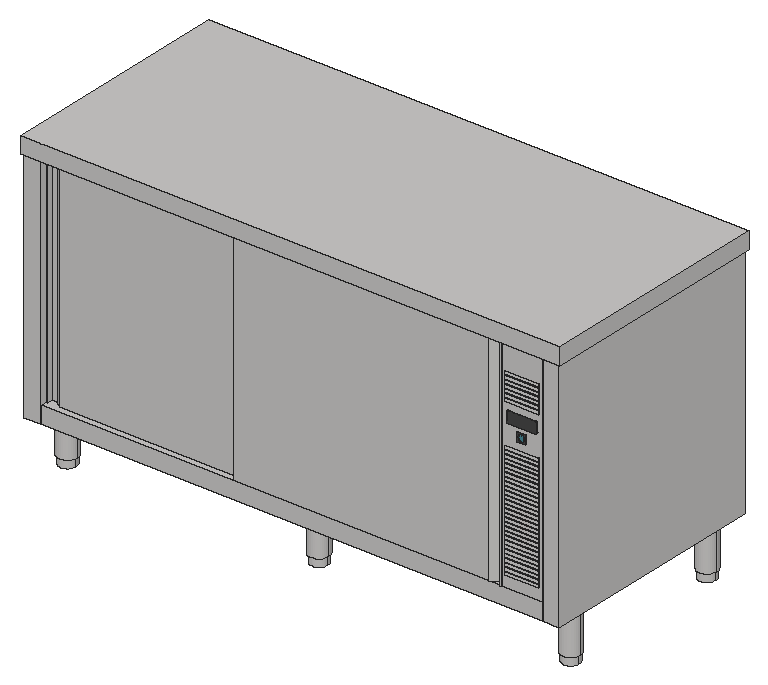
Revit family "QF_ELECTROLUXPROFESSIONAL_132788_MTC1600PN", category Attrezzature speciali, Revit 2020
Family settings
  Quota connettore circolare = Usa diametro
  Tipo di parte = Normale
  Basato su piano di lavoro = No
  Sempre verticale = Sì
  Taglio con vuoti quando caricato = No
  Condiviso = No
  Punto di calcolo locali = No
Parameters (values of type "Standard")
  Weight = 65.00 kg
  Watts = 2400 W
  Volts = 220 V
  URL Manufacturer = "https://www.electroluxprofessional.com/"
  URL = "https://www.electroluxprofessional.com/"
  Steam Supply Size = 0 mm
  Steam Supply Minimum Pressure = 0.0 Pa
  Steam Supply Maximum Pressure = 0.0 Pa
  Steam Consumption per Hour = 0
  Refrigeration Suction Line Size = 0.0 mm
  Refrigeration Liquid Line Size = 0.0 mm
  Refrigerant Compressor Remote = yes
  Prospetto di default = 0.0 mm
  Produttore = "Electrolux Professional"
  Phase = 1
  Modello = "MTC1600PN"
  Length Actual = 1600.0 mm  # constant formula
  Item Number = "132788"
  Hot Water Size = 0 mm
  Height Actual = 900.0 mm  # constant formula
  HP = "3.2 HP"
  Gas Size = 0 mm
  Gas KW = 0
  Gas Input Pressure = 0 W
  Direct Waste Size = 0 mm
  Descrizione = "HOT CUPB.VENTIL.+SHELF+SLIDING D. 1600MM"
  Depth Actual = 700.0 mm  # constant formula
  Cycle = 50 Hz
  Condensate Return Size = 0 mm
  Compressed Air Volume = 0.0 L/s
  Compressed Air Size = 0 mm
  Compressed Air Pressure = 0.0 Pa
  Cold Water Size = 0 mm
  Accessory = yes
Reference planes
  plane 1 "Center (Front/Back)": y = 0
  plane 2: z = 0
  plane 3 "Center (Left/Right)": x = -300
  plane 4 "LEFT": x = -1100
  plane 5 "RIGHT": x = 500
  plane 6 "BACK": y = 350
  plane 7 "FRONT": y = -350
  plane 8 "Base": z = 850
  plane 9 "TOP": z = 900
  plane 10: x = -1046.5
  plane 11: x = 446.5
  plane 12: y = 264.5
  plane 13: y = -241.5
  plane 14 "BodyLeft": x = -1094.5
  plane 15 "BodyFront": y = -344.5
  plane 16 "BodyRight": x = 494.5
  plane 17 "BodyBack": y = 344.5
  plane 18 "FEET": z = 150
  plane 19: x = 324.5
  plane 20: x = -361
  plane 21: x = 444.5
  plane 22 "EIx": x = 400
  plane 23 "EIy": y = -170
Forms (mm)
  Extrusion 1, solid, material "QF_Finishes_Stainless Steel"
    sketch origin (-300, 0, 0) x (0, 1, 0) y (0, 0, 1)
      loop
        line (-350, 850) -> (350, 850) -> (350, 900) -> (-350, 900) -> (-350, 850)
    from 800 to -800
  Extrusion 2, solid, material "QF_Finishes_Stainless Steel"
    sketch origin (0, 0, 150) x (-1, 0, 0) y (0, -1, 0)
      loop
        line (1094.5, -344.5) -> (1094.5, 344.5) -> (1044.5, 344.5) -> (1044.5, -344.5) -> (1094.5, -344.5)
      loop
        line (-444.5, -344.5) -> (-444.5, 344.5) -> (-494.5, 344.5) -> (-494.5, -344.5) -> (-444.5, -344.5)
    from 0 to 700
  Extrusion 3, solid, material "QF_Finishes_Stainless Steel"
    sketch origin (0, 0, 150) x (-1, 0, 0) y (0, -1, 0)
      loop
        line (1044.5, -344.5) -> (1044.5, 344.5) -> (-444.5, 344.5) -> (-444.5, -344.5) -> (1044.5, -344.5)
    from 0 to 50
  Extrusion 4, solid, material "QF_Finishes_Stainless Steel"
    sketch origin (-1, 0, 150) x (-1, 0, 0) y (0, -1, 0)
      loop
        line (-325.5, 344.5) -> (-325.5, 324.5) -> (470.5, 324.5) -> (470.5, 344.5) -> (-285.5, 344.5) -> (-305.5, 329.5) -> (-320.5, 329.5) -> (-320.5, 344.5) -> (-325.5, 344.5)
    from 50 to 700
  Extrusion 5, solid, material "QF_Finishes_Stainless Steel"
    sketch origin (1, 20, 150) x (1, 0, 0) y (0, 1, 0)
      loop
        line (-1045.5, -344.5) -> (-1040.5, -344.5) -> (-1040.5, -329.5) -> (-1025.5, -329.5) -> (-1005.5, -344.5) -> (-251.5, -344.5) -> (-251.5, -324.5) -> (-1045.5, -324.5) -> (-1045.5, -344.5)
    from 50 to 700
  Extrusion 6, solid, material "QF_Finishes_Stainless Steel"
    sketch origin (0, 0, 0) x (1, 0, 0) y (0, 1, 0)
      loop
        line (-1044.5, -304.5) -> (324.5, -304.5) -> (324.5, 324.5) -> (-1044.5, 324.5) -> (-1044.5, -304.5)
    from 500 to 540
  Extrusion 7, solid, material "QF_Finishes_Stainless Steel"
    sketch origin (0, 0, 0) x (1, 0, 0) y (0, 1, 0)
      loop
        line (444.5, 344.5) -> (-1044.5, 344.5) -> (-1044.5, 324.5) -> (444.5, 324.5) -> (444.5, 344.5)
    from 200 to 850
  Extrusion 8, solid, material "QF_Finishes_Stainless Steel"
    sketch origin (0, 0, 150) x (-1, 0, 0) y (0, -1, 0)
      loop
        circle (-400, 170) r 10
    from 0 to -5
Cuts and joins
  joined: Extrusion 3, Extrusion 7
Lines and regions (mm)
  symbolic lines
    curve 1: line (500, 350, 900) -> (-1100, 350, 900)
    curve 2: line (-1100, 350, 900) -> (-1100, -350, 900)
    curve 3: line (-1100, -350, 900) -> (500, -350, 900)
    curve 4: line (500, -350, 900) -> (500, 350, 900)
  symbolic lines, style "SpecialityEquipmentHiddenLines"
    curve 5: line (-1094.5, 344.5, 150) -> (494.5, 344.5, 150)
    curve 6: line (-1094.5, -344.5, 150) -> (-1094.5, 344.5, 150)
    curve 7: line (494.5, -344.5, 150) -> (-1094.5, -344.5, 150)
    curve 8: line (494.5, 344.5, 150) -> (494.5, -344.5, 150)
    curve 9: line (-1045.5, -304.5, 150) -> (-249.5, -304.5, 150)
    curve 10: line (-249.5, -304.5, 150) -> (-249.5, -324.5, 150)
    curve 11: line (-1045.5, -324.5, 150) -> (444.5, -324.5, 150)
    curve 12: line (444.5, -324.5, 150) -> (444.5, -344.5, 150)
    curve 13: line (-1045.5, -304.5, 150) -> (-1045.5, -324.5, 150)
    curve 14: line (-471.5, -344.5, 0) -> (-471.5, -324.5, 0)
Dimensions and locks
  plane 4 "LEFT" to plane 5 "RIGHT" = 1600.0 mm
  equal spacing: plane 4 "LEFT", plane 3 "Center (Left/Right)", plane 5 "RIGHT"
  locked: plane 8 "Base" to level at 850
  plane 9 "TOP" to level = 900.0 mm
  plane 6 "BACK" to plane 7 "FRONT" = 700.0 mm
  equal spacing: plane 6 "BACK", plane 1 "Center (Front/Back)", plane 7 "FRONT"
  locked: plane 4 "LEFT" to plane 14 "BodyLeft" at 5.5
  locked: plane 16 "BodyRight" to plane 5 "RIGHT" at 5.5
  locked: plane 15 "BodyFront" to plane 7 "FRONT" at 5.5
  locked: plane 6 "BACK" to plane 17 "BodyBack" at 5.5
  locked: plane 14 "BodyLeft" to plane 10 at 48
  locked: plane 11 to plane 16 "BodyRight" at 48
  locked: plane 13 to plane 15 "BodyFront" at 103
  locked: plane 17 "BodyBack" to plane 12 at 80
  plane 10 to plane 11 = 1493.0 mm
  plane 12 to plane 13 = 506.0 mm
  locked: plane 14 "BodyLeft" to Extrusion 2 sketch curve at 50
  locked: Extrusion 2 sketch curve to Extrusion 2 sketch curve at 50
  equal spacing: plane 10, plane 20, plane 19
  locked: plane 21 to plane 16 "BodyRight" at 50
  locked: plane 19 to plane 21 at 120
  locked: Extrusion 4 sketch curve to plane 20 at 110.5
  locked: plane 20 to Extrusion 5 sketch curve at 110.5
  locked: plane 18 "FEET" to level at 150
  locked: plane 22 "EIx" to plane 5 "RIGHT" at 100
  plane 23 "EIy" to plane 7 "FRONT" = 180.0 mm
  aligned and locked: level to plane 2
  aligned and locked: plane 10 to nested 1
  aligned and locked: nested 1 to plane 13
  aligned and locked: plane 11 to nested 2
  aligned and locked: nested 2 to plane 13
  aligned and locked: plane 11 to nested 4
  aligned and locked: nested 4 to plane 12
  aligned and locked: plane 10 to nested 3
  aligned and locked: nested 3 to plane 12
  aligned and locked: Extrusion 1 to plane 4 "LEFT"
  aligned and locked: plane 5 "RIGHT" to Extrusion 1
  aligned and locked: curve 2 to plane 4 "LEFT"
  aligned and locked: plane 17 "BodyBack" to Extrusion 2 sketch curve
  aligned and locked: Extrusion 2 sketch curve to plane 15 "BodyFront"
  aligned and locked: Extrusion 2 sketch curve to plane 14 "BodyLeft"
  aligned and locked: plane 16 "BodyRight" to Extrusion 2 sketch curve
  aligned and locked: Extrusion 2 sketch curve to plane 17 "BodyBack"
  aligned and locked: plane 15 "BodyFront" to Extrusion 2 sketch curve
  aligned and locked: Extrusion 3 sketch curve to plane 17 "BodyBack"
  aligned and locked: plane 15 "BodyFront" to Extrusion 3 sketch curve
  aligned and locked: plane 8 "Base" to Extrusion 2
  aligned and locked: plane 8 "Base" to Extrusion 4
  aligned and locked: Extrusion 4 to Extrusion 3
  aligned and locked: Extrusion 1 to plane 8 "Base"
  aligned and locked: plane 9 "TOP" to Extrusion 1
  aligned and locked: curve 5 to plane 17 "BodyBack"
  aligned and locked: plane 14 "BodyLeft" to curve 6
  aligned and locked: plane 15 "BodyFront" to curve 7
  aligned and locked: plane 16 "BodyRight" to curve 8
  aligned and locked: Extrusion 3 to Extrusion 2  (x2)
  aligned and locked: Extrusion 6 sketch curve to Extrusion 2
  aligned and locked: Extrusion 6 sketch curve to Extrusion 5
  aligned and locked: nested 5 to plane 21
  aligned and locked: Extrusion 7 sketch curve to Extrusion 2
  aligned and locked: Extrusion 6 sketch curve to plane 19
  aligned and locked: plane 3 "Center (Left/Right)" to nested 6
  aligned and locked: plane 3 "Center (Left/Right)" to nested 7
Automatic sketch dimensions
  curve 14 to plane 15 "BodyFront" = 0.0 mm
  plane 15 "BodyFront" to curve 14 = 20.0 mm
  curve 14 to plane 20 = 110.5 mm
  curve 3 to plane 7 "FRONT" = 0.0 mm
  curve 4 to plane 6 "BACK" = 0.0 mm
  Extrusion 1 sketch curve to plane 7 "FRONT" = 0.0 mm
  Extrusion 1 sketch curve to plane 6 "BACK" = 0.0 mm
  Extrusion 1 sketch curve to plane 8 "Base" = 0.0 mm
  Extrusion 1 sketch curve to plane 9 "TOP" = 0.0 mm
  Extrusion 3 sketch curve to plane 21 = 0.0 mm
  plane 10 to Extrusion 3 sketch curve = 2.0 mm
  Extrusion 4 sketch curve to plane 19 = 0.0 mm
  Extrusion 4 sketch curve to plane 15 "BodyFront" = 0.0 mm  (x2)
  Extrusion 4 sketch curve to Extrusion 4 sketch curve = 5.0 mm
  Extrusion 4 sketch curve to Extrusion 4 sketch curve = 15.0 mm  (x2)
  Extrusion 4 sketch curve to Extrusion 4 sketch curve = 20.0 mm  (x2)
  Extrusion 5 sketch curve to plane 15 "BodyFront" = 20.0 mm  (x2)
  Extrusion 5 sketch curve to plane 10 = 42.0 mm
  Extrusion 5 sketch curve to plane 10 = 22.0 mm
  Extrusion 5 sketch curve to plane 10 = 7.0 mm
  Extrusion 5 sketch curve to plane 10 = 2.0 mm
  Extrusion 5 sketch curve to Extrusion 5 sketch curve = 15.0 mm
  Extrusion 5 sketch curve to Extrusion 5 sketch curve = 20.0 mm
  curve 12 to plane 21 = 0.0 mm
  curve 7 to plane 15 "BodyFront" = 0.0 mm
  plane 3 "Center (Left/Right)" to curve 9 = 50.5 mm
  plane 10 to curve 11 = 1.0 mm
  plane 15 "BodyFront" to curve 9 = 40.0 mm
  curve 11 to curve 12 = 20.0 mm
  plane 12 to Extrusion 6 sketch curve = 60.0 mm
  Extrusion 7 sketch curve to plane 17 "BodyBack" = 0.0 mm
  Extrusion 7 sketch curve to plane 21 = 0.0 mm
  Extrusion 7 sketch curve to plane 17 "BodyBack" = 20.0 mm
  curve 4 to plane 5 "RIGHT" = 0.0 mm
  Extrusion 8 sketch curve to plane 22 "EIx" = 0.0 mm
  Extrusion 8 sketch curve to plane 23 "EIy" = 0.0 mm
  radius of Extrusion 8 sketch curve = 10.0 mm
Nested families
  nested 1: "FEET_D58-150" at (-1046.5, -241.5, 0), type "FEET_D58-150"
  nested 2: "FEET_D58-150" at (446.5, -241.5, 0), type "FEET_D58-150"
  nested 3: "FEET_D58-150" at (-1046.5, 264.5, 0), type "FEET_D58-150"
  nested 4: "FEET_D58-150" at (446.5, 264.5, 0), type "FEET_D58-150"
  nested 5: "WT_PNL120x650" at (531.42, -304.5, 600) x (1, 0, 0) z (0, -1, 0), type "WT_PNL120x650"
    with Show Logo yes
  nested 6: "FEET_D58-150" at (-300, -241.5, 0), type "FEET_D58-150"
  nested 7: "FEET_D58-150" at (-300, 264.5, 0), type "FEET_D58-150"
Connectors
  electrical at (400, -170, 145)
    settings: on Extrusion 8, index 1, voltage 0 V, apparent load 0 VA, apparent load phase1 0 VA, apparent load phase2 0 VA, apparent load phase3 0 VA, power factor 1, load classification "Other", number of poles 1, system type 30, power factor state 1, is connector primary yes, connector utility no, sub classification motor no, connector description "Electrical connection"
Definition of nested family "FEET_D58-150"
  Parameters
    Default Elevation = 0.0 mm
    FEET = 150.0 mm
  Reference planes
    plane 1 "Center (Front/Back)": y = 0
    plane 2: z = 0
    plane 3 "Center (Left/Right)": x = 0
    plane 4: z = 150
  Forms (mm)
    Extrusion 1, solid
      sketch origin (0, 0, 0) x (1, 0, 0) y (0, 1, 0)
        loop
          circle (0, 0) r 25
      from 0 to 25
    Extrusion 2, solid
      sketch origin (0, 0, 0) x (1, 0, 0) y (0, 1, 0)
        loop
          circle (0.061, 0) r 29
      from 25 to 150 <- "FEET"
  Lines and regions (mm)
    symbolic lines
      curve 1: line (0, -1.503, 0) -> (0, 1.508, 0)
      curve 2: line (1.561, 0, 0) -> (-1.439, 0, 0)
  Dimensions and locks
    "FEET": plane 4 to plane 2
    aligned and locked: level to plane 2
  Automatic sketch dimensions
    plane 1 "Center (Front/Back)" to Extrusion 1 sketch curve = 0.0 mm
    Extrusion 1 sketch curve to plane 3 "Center (Left/Right)" = 0.0 mm
    plane 1 "Center (Front/Back)" to curve 2 = 0.0 mm
    curve 1 to plane 3 "Center (Left/Right)" = 0.0 mm
    curve 2 to plane 3 "Center (Left/Right)" = 1.439 mm
    plane 3 "Center (Left/Right)" to curve 2 = 1.561 mm
    plane 1 "Center (Front/Back)" to curve 1 = 1.503 mm
    curve 1 to plane 1 "Center (Front/Back)" = 1.508 mm
    plane 1 "Center (Front/Back)" to Extrusion 2 sketch curve = 0.0 mm
    plane 3 "Center (Left/Right)" to Extrusion 2 sketch curve = 0.061 mm
    radius of Extrusion 1 sketch curve = 25.0 mm
    radius of Extrusion 2 sketch curve = 29.0 mm
Definition of nested family "WT_PNL120x650"
  Parameters
    Show Logo [instance] = yes
    Default Elevation = 1219.2 mm
  Reference planes
    plane 1 "Center (Front/Back)": y = -75
    plane 2: z = 0
    plane 3 "Center (Left/Right)": x = -146.92
    plane 4: x = -206.92
    plane 5: x = -86.92
    plane 6: y = 250
    plane 7: y = -400
    plane 8 "TOP": z = 40
  Forms (mm)
    Extrusion 1, solid
      sketch origin (0, 0, 0) x (1, 0, 0) y (0, 1, 0)
        loop
          line (-1219.2, 1219.2) -> (-1219.2, -1219.2) -> (1219.2, -1219.2) -> (1219.2, 1219.2) -> (-1219.2, 1219.2)
      from 0 to -304.8
    Extrusion 2, solid
      sketch origin (0, 0, 0) x (1, 0, 0) y (0, 1, 0)
        loop
          line (-206.92, 250) -> (-206.92, -400) -> (-86.92, -400) -> (-86.92, 250) -> (-206.92, 250)
      from 0 to 40
    Extrusion 3, void
      sketch origin (0, 0, 40) x (-1, 0, 0) y (0, -1, 0)
        loop
          arc (101.92, -68.899) -> (103.795, -73.256) -> (108.247, -74.89) r 6
          line (108.247, -74.89) -> (185.92, -74.89)
          arc (185.92, -74.89) -> (190.163, -73.133) -> (191.92, -68.89) r 6
          line (191.92, -68.89) -> (191.92, -45.89)
          arc (191.92, -45.89) -> (190.163, -41.648) -> (185.92, -39.89) r 6
          line (185.92, -39.89) -> (107.92, -39.89)
          arc (107.92, -39.89) -> (103.677, -41.648) -> (101.92, -45.89) r 6
          line (101.92, -45.89) -> (101.92, -68.899)
        loop
          line (158.92, -27.89) -> (158.92, -2.89) -> (134.92, -2.89) -> (134.92, -27.89) -> (158.92, -27.89)
      from -2 to 0
    Extrusion 4, solid
      sketch origin (0, 0, 40) x (-1, 0, 0) y (0, -1, 0)
        loop
          line (185.92, -39.89) -> (107.92, -39.89)
          arc (107.92, -39.89) -> (103.677, -41.648) -> (101.92, -45.89) r 6
          line (101.92, -45.89) -> (101.92, -68.899)
          arc (101.92, -68.899) -> (103.795, -73.256) -> (108.247, -74.89) r 6
          line (108.247, -74.89) -> (185.92, -74.89)
          arc (185.92, -74.89) -> (190.163, -73.133) -> (191.92, -68.89) r 6
          line (191.92, -68.89) -> (191.92, -45.89)
          arc (191.92, -45.89) -> (190.163, -41.648) -> (185.92, -39.89) r 6
      from -2 to 1
    Extrusion 5, solid
      sketch origin (-146.92, 0, 0) x (0, 1, 0) y (0, 0, 1)
        loop
          line (95.896, 40) -> (104.899, 40) -> (95.896, 41.206) -> (95.896, 40)
        loop
          line (107.896, 40) -> (116.899, 40) -> (107.896, 41.206) -> (107.896, 40)
        loop
          line (119.896, 40) -> (128.899, 40) -> (119.896, 41.206) -> (119.896, 40)
        loop
          line (131.896, 40) -> (140.899, 40) -> (131.896, 41.206) -> (131.896, 40)
        loop
          line (143.896, 40) -> (152.899, 40) -> (143.896, 41.206) -> (143.896, 40)
        loop
          line (155.896, 40) -> (164.899, 40) -> (155.896, 41.206) -> (155.896, 40)
        loop
          line (167.896, 40) -> (176.899, 40) -> (167.896, 41.206) -> (167.896, 40)
        loop
          line (-102.104, 40) -> (-93.101, 40) -> (-102.104, 41.206) -> (-102.104, 40)
        loop
          line (-90.104, 40) -> (-81.101, 40) -> (-90.104, 41.206) -> (-90.104, 40)
        loop
          line (-78.104, 40) -> (-69.101, 40) -> (-78.104, 41.206) -> (-78.104, 40)
        loop
          line (-66.104, 40) -> (-57.101, 40) -> (-66.104, 41.206) -> (-66.104, 40)
        loop
          line (-54.104, 40) -> (-45.101, 40) -> (-54.104, 41.206) -> (-54.104, 40)
        loop
          line (-42.104, 40) -> (-33.101, 40) -> (-42.104, 41.206) -> (-42.104, 40)
        loop
          line (-30.104, 40) -> (-21.101, 40) -> (-30.104, 41.206) -> (-30.104, 40)
        loop
          line (-174.104, 40) -> (-165.101, 40) -> (-174.104, 41.206) -> (-174.104, 40)
        loop
          line (-162.104, 40) -> (-153.101, 40) -> (-162.104, 41.206) -> (-162.104, 40)
        loop
          line (-150.104, 40) -> (-141.101, 40) -> (-150.104, 41.206) -> (-150.104, 40)
        loop
          line (-138.104, 40) -> (-129.101, 40) -> (-138.104, 41.206) -> (-138.104, 40)
        loop
          line (-126.104, 40) -> (-117.101, 40) -> (-126.104, 41.206) -> (-126.104, 40)
        loop
          line (-114.104, 40) -> (-105.101, 40) -> (-114.104, 41.206) -> (-114.104, 40)
        loop
          line (-246.104, 40) -> (-237.101, 40) -> (-246.104, 41.206) -> (-246.104, 40)
        loop
          line (-234.104, 40) -> (-225.101, 40) -> (-234.104, 41.206) -> (-234.104, 40)
        loop
          line (-222.104, 40) -> (-213.101, 40) -> (-222.104, 41.206) -> (-222.104, 40)
        loop
          line (-210.104, 40) -> (-201.101, 40) -> (-210.104, 41.206) -> (-210.104, 40)
        loop
          line (-198.104, 40) -> (-189.101, 40) -> (-198.104, 41.206) -> (-198.104, 40)
        loop
          line (-186.104, 40) -> (-177.101, 40) -> (-186.104, 41.206) -> (-186.104, 40)
        loop
          line (-318.104, 40) -> (-309.101, 40) -> (-318.104, 41.206) -> (-318.104, 40)
        loop
          line (-306.104, 40) -> (-297.101, 40) -> (-306.104, 41.206) -> (-306.104, 40)
        loop
          line (-294.104, 40) -> (-285.101, 40) -> (-294.104, 41.206) -> (-294.104, 40)
        loop
          line (-282.104, 40) -> (-273.101, 40) -> (-282.104, 41.206) -> (-282.104, 40)
        loop
          line (-270.104, 40) -> (-261.101, 40) -> (-270.104, 41.206) -> (-270.104, 40)
        loop
          line (-258.104, 40) -> (-249.101, 40) -> (-258.104, 41.206) -> (-258.104, 40)
        loop
          line (-366.104, 40) -> (-357.101, 40) -> (-366.104, 41.206) -> (-366.104, 40)
        loop
          line (-354.104, 40) -> (-345.101, 40) -> (-354.104, 41.206) -> (-354.104, 40)
        loop
          line (-342.104, 40) -> (-333.101, 40) -> (-342.104, 41.206) -> (-342.104, 40)
        loop
          line (-330.104, 40) -> (-321.101, 40) -> (-330.104, 41.206) -> (-330.104, 40)
      from -50 to 50
    Extrusion 6, solid
      sketch origin (0, 0, 40) x (-1, 0, 0) y (0, -1, 0)
        loop
          line (134.92, -27.89) -> (158.92, -27.89) -> (158.92, -2.89) -> (134.92, -2.89) -> (134.92, -27.89)
        loop
          circle (146.92, -15.39) r 9
      from -2 to 3
    Extrusion 7, solid
      sketch origin (0, 0, 40) x (-1, 0, 0) y (0, -1, 0)
        loop
          circle (146.92, -15.39) r 9
      from 0 to 3
  Cuts and joins
    Extrusion 3 cuts Extrusion 2
  Dimensions and locks
    equal spacing: plane 6, plane 1 "Center (Front/Back)", plane 7
    equal spacing: plane 4, plane 3 "Center (Left/Right)", plane 5
    plane 8 "TOP" to level = 40.0 mm
    aligned and locked: plane 2 to Extrusion 1
    aligned and locked: level to Extrusion 1
  Automatic sketch dimensions
    Extrusion 1 sketch curve to Extrusion 1 sketch curve = 2438.4 mm  (x2)
    Extrusion 2 sketch curve to plane 4 = 0.0 mm
    Extrusion 2 sketch curve to plane 5 = 0.0 mm
    Extrusion 2 sketch curve to plane 7 = 0.0 mm
    Extrusion 2 sketch curve to plane 6 = 0.0 mm
    Extrusion 5 sketch curve to plane 8 "TOP" = 0.0 mm  (x36)
    Extrusion 5 sketch curve to Extrusion 5 sketch curve = 9.003 mm  (x35)
    plane 8 "TOP" to Extrusion 5 sketch curve = 1.206 mm  (x22)
    Extrusion 5 sketch curve to Extrusion 5 sketch curve = 2.997 mm  (x33)
    plane 1 "Center (Front/Back)" to Extrusion 5 sketch curve = 6.101 mm
    plane 1 "Center (Front/Back)" to Extrusion 5 sketch curve = 3.104 mm
    Extrusion 5 sketch curve to plane 1 "Center (Front/Back)" = 5.899 mm
    Extrusion 5 sketch curve to Extrusion 5 sketch curve = 116.997 mm
    Extrusion 5 sketch curve to Extrusion 5 sketch curve = 1.206 mm  (x14)
    Extrusion 4 sketch curve to plane 5 = 15.0 mm
    Extrusion 4 sketch curve to Extrusion 4 sketch curve = 6.0 mm  (x3)
    Extrusion 4 sketch curve to Extrusion 4 sketch curve = 0.327 mm
    plane 4 to Extrusion 4 sketch curve = 21.0 mm  (x2)
    Extrusion 4 sketch curve to plane 1 "Center (Front/Back)" = 149.89 mm
    Extrusion 4 sketch curve to Extrusion 4 sketch curve = 23.009 mm
    Extrusion 3 sketch curve to plane 5 = 15.0 mm
    Extrusion 3 sketch curve to Extrusion 3 sketch curve = 6.0 mm  (x3)
    Extrusion 3 sketch curve to Extrusion 3 sketch curve = 0.327 mm
    plane 3 "Center (Left/Right)" to Extrusion 3 sketch curve = 12.0 mm
    Extrusion 3 sketch curve to plane 3 "Center (Left/Right)" = 12.0 mm
    plane 4 to Extrusion 3 sketch curve = 21.0 mm  (x2)
    Extrusion 3 sketch curve to plane 1 "Center (Front/Back)" = 149.89 mm
    Extrusion 3 sketch curve to Extrusion 3 sketch curve = 23.0 mm
    Extrusion 3 sketch curve to Extrusion 3 sketch curve = 12.0 mm
    Extrusion 3 sketch curve to Extrusion 3 sketch curve = 25.0 mm
    Extrusion 6 sketch curve to plane 3 "Center (Left/Right)" = 0.0 mm
    plane 3 "Center (Left/Right)" to Extrusion 6 sketch curve = 12.0 mm
    Extrusion 6 sketch curve to plane 3 "Center (Left/Right)" = 12.0 mm
    Extrusion 6 sketch curve to plane 1 "Center (Front/Back)" = 102.89 mm
    Extrusion 6 sketch curve to Extrusion 6 sketch curve = 12.5 mm  (x2)
    Extrusion 7 sketch curve to plane 3 "Center (Left/Right)" = 0.0 mm
    Extrusion 7 sketch curve to plane 1 "Center (Front/Back)" = 90.39 mm
    radius of Extrusion 6 sketch curve = 9.0 mm
    radius of Extrusion 7 sketch curve = 9.0 mm
